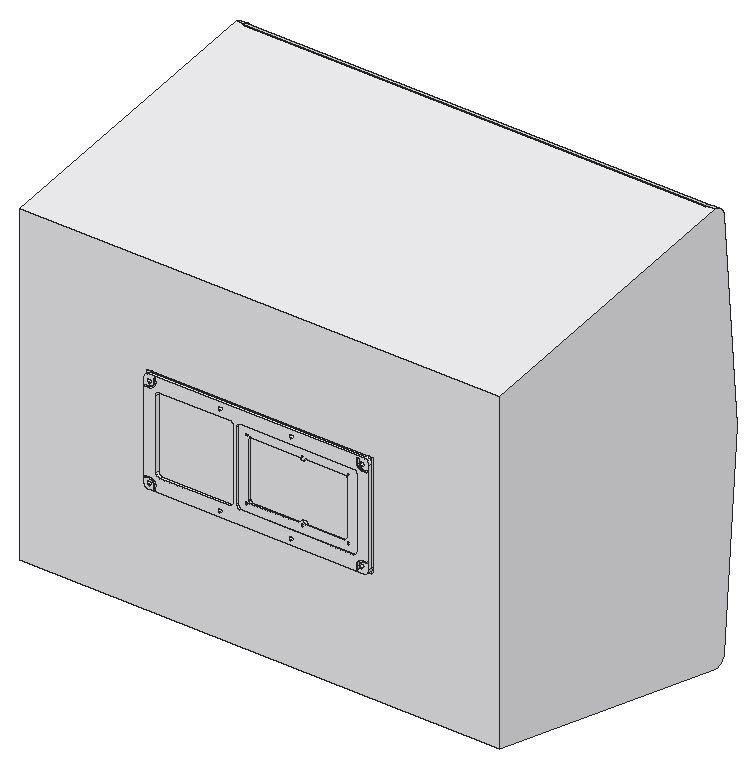
Revit family "EVA-2082S ", category Communication Devices, Revit 2017 (continued)
Definition of nested family "InputPanel"
  Lines and regions (mm)
    model lines, not visible
      curve 478: line (55.107, -9.5, 85.998) -> (55.798, -9.5, 85.998)
      curve 479: line (55.801, -9.5, 60.772) -> (55.11, -9.5, 60.772)
      curve 480: line (55.11, -9.5, 60.772) -> (55.11, -9.5, 61.06)
      curve 481: line (55.11, -9.5, 61.06) -> (52.992, -9.5, 61.06)
      curve 482: line (52.992, -9.5, 61.06) -> (52.992, -9.5, 60.772)
      curve 483: line (52.992, -9.5, 60.772) -> (55.11, -9.5, 60.772)
      curve 484: line (54.504, -9.5, 76.743) -> (56.298, -9.5, 74.554)
      curve 485: line (56.298, -9.5, 74.554) -> (55.807, -9.5, 74.222)
      curve 486: line (54.503, -9.5, 83.049) -> (56.297, -9.5, 80.86)
      curve 487: line (56.297, -9.5, 80.86) -> (55.806, -9.5, 80.528)
      curve 488: line (54.531, -9.5, 76.998) -> (56.131, -9.5, 75.046)
      curve 489: line (56.131, -9.5, 75.046) -> (56.7, -9.5, 75.046)
      curve 490: line (56.7, -9.5, 75.046) -> (54.662, -9.5, 77.533)
      curve 491: line (54.531, -9.5, 83.304) -> (56.13, -9.5, 81.352)
      curve 492: line (56.13, -9.5, 81.352) -> (56.699, -9.5, 81.352)
      curve 493: line (56.699, -9.5, 81.352) -> (54.661, -9.5, 83.839)
      curve 494: line (54.505, -9.5, 70.437) -> (56.298, -9.5, 68.248)
      curve 495: line (56.298, -9.5, 68.248) -> (55.807, -9.5, 67.915)
      curve 496: line (54.506, -9.5, 64.13) -> (56.299, -9.5, 61.942)
      curve 497: line (56.299, -9.5, 61.942) -> (55.808, -9.5, 61.609)
      curve 498: line (54.533, -9.5, 64.385) -> (56.132, -9.5, 62.433)
      curve 499: line (56.132, -9.5, 62.433) -> (56.702, -9.5, 62.433)
      curve 500: line (56.702, -9.5, 62.433) -> (54.664, -9.5, 64.92)
      curve 501: line (54.532, -9.5, 70.691) -> (56.131, -9.5, 68.739)
      curve 502: line (56.131, -9.5, 68.739) -> (56.701, -9.5, 68.739)
      curve 503: line (56.701, -9.5, 68.739) -> (54.663, -9.5, 71.227)
      curve 504: line (51.568, -9.5, 63.815) -> (51.568, -9.5, 60.772)
      curve 505: line (51.568, -9.5, 60.772) -> (46.145, -9.5, 60.771)
      curve 506: line (46.145, -9.5, 60.771) -> (46.141, -9.5, 85.996)
      curve 507: line (46.141, -9.5, 85.996) -> (51.565, -9.5, 85.997)
      curve 508: line (51.565, -9.5, 85.997) -> (52.989, -9.5, 85.997)
      curve 509: line (52.989, -9.5, 85.997) -> (49.876, -9.5, 86.125)
      curve 510: line (49.876, -9.5, 86.125) -> (49.754, -9.5, 86.302)
      curve 511: line (52.992, -9.5, 60.772) -> (51.568, -9.5, 60.772)
      curve 512: line (45.361, -9.5, 79.392) -> (45.362, -9.5, 73.88)
      curve 513: line (45.362, -9.5, 73.88) -> (41.147, -9.5, 73.88)
      curve 514: line (41.147, -9.5, 73.88) -> (41.146, -9.5, 79.392)
      curve 515: line (41.146, -9.5, 79.392) -> (45.361, -9.5, 79.392)
      curve 516: line (41.146, -9.5, 79.988) -> (41.145, -9.5, 85.499)
      curve 517: line (41.145, -9.5, 85.499) -> (45.36, -9.5, 85.5)
      curve 518: line (45.36, -9.5, 85.5) -> (45.361, -9.5, 79.988)
      curve 519: line (45.361, -9.5, 79.988) -> (41.146, -9.5, 79.988)
      curve 520: line (45.819, -9.5, 60.771) -> (45.816, -9.5, 85.996)
      curve 521: line (45.816, -9.5, 85.996) -> (40.689, -9.5, 85.996)
      curve 522: line (40.689, -9.5, 85.996) -> (40.692, -9.5, 60.771)
      curve 523: line (40.692, -9.5, 60.771) -> (45.819, -9.5, 60.771)
      curve 524: line (45.819, -9.5, 60.771) -> (46.145, -9.5, 60.771)
      curve 525: line (45.363, -9.5, 66.78) -> (45.363, -9.5, 61.268)
      curve 526: line (45.363, -9.5, 61.268) -> (41.148, -9.5, 61.267)
      curve 527: line (41.148, -9.5, 61.267) -> (41.147, -9.5, 66.779)
      curve 528: line (41.147, -9.5, 66.779) -> (45.363, -9.5, 66.78)
      curve 529: line (41.147, -9.5, 67.375) -> (41.147, -9.5, 72.887)
      curve 530: line (41.147, -9.5, 72.887) -> (45.362, -9.5, 72.887)
      curve 531: line (45.362, -9.5, 72.887) -> (45.363, -9.5, 67.375)
      curve 532: line (45.363, -9.5, 67.375) -> (41.147, -9.5, 67.375)
      curve 533: line (45.816, -9.5, 85.996) -> (46.141, -9.5, 85.996)
      curve 534: line (46.141, -9.5, 85.996) -> (42.88, -9.5, 86.124)
      curve 535: line (42.88, -9.5, 86.124) -> (42.758, -9.5, 86.301)
      curve 536: line (42.758, -9.5, 86.301) -> (45.891, -9.5, 86.301)
      curve 537: line (45.891, -9.5, 86.301) -> (46.013, -9.5, 86.124)
      curve 538: line (45.361, -9.5, 78.225) -> (43.953, -9.5, 78.225)
      curve 539: line (43.953, -9.5, 78.225) -> (43.627, -9.5, 78.913)
      curve 540: line (43.627, -9.5, 78.913) -> (43.242, -9.5, 79.392)
      curve 541: line (45.363, -9.5, 65.613) -> (43.954, -9.5, 65.612)
      curve 542: line (43.954, -9.5, 65.612) -> (43.629, -9.5, 66.3)
      curve 543: line (43.629, -9.5, 66.3) -> (43.244, -9.5, 66.779)
      curve 544: line (45.362, -9.5, 68.542) -> (43.954, -9.5, 68.542)
      curve 545: line (43.954, -9.5, 68.542) -> (43.629, -9.5, 67.854)
      curve 546: line (43.629, -9.5, 67.854) -> (43.244, -9.5, 67.375)
      curve 547: line (45.361, -9.5, 81.155) -> (43.952, -9.5, 81.155)
      curve 548: line (43.952, -9.5, 81.155) -> (43.627, -9.5, 80.467)
      curve 549: line (43.627, -9.5, 80.467) -> (43.242, -9.5, 79.988)
      curve 550: line (45.362, -9.5, 71.919) -> (43.954, -9.5, 71.919)
      curve 551: line (43.954, -9.5, 71.919) -> (43.628, -9.5, 72.607)
      curve 552: line (43.628, -9.5, 72.607) -> (43.403, -9.5, 72.887)
      curve 553: line (45.361, -9.5, 84.532) -> (43.952, -9.5, 84.531)
      curve 554: line (43.952, -9.5, 84.531) -> (43.627, -9.5, 85.219)
      curve 555: line (43.627, -9.5, 85.219) -> (43.401, -9.5, 85.5)
      curve 556: line (45.362, -9.5, 74.849) -> (43.953, -9.5, 74.848)
      curve 557: line (43.953, -9.5, 74.848) -> (43.628, -9.5, 74.16)
      curve 558: line (43.403, -9.5, 73.88) -> (43.628, -9.5, 74.16)
      curve 559: line (43.628, -9.5, 74.16) -> (43.627, -9.5, 78.913)
      curve 560: line (45.363, -9.5, 62.236) -> (43.955, -9.5, 62.236)
      curve 561: line (43.955, -9.5, 62.236) -> (43.629, -9.5, 61.548)
      curve 562: line (43.629, -9.5, 61.548) -> (43.629, -9.5, 66.3)
      curve 563: line (43.404, -9.5, 61.267) -> (43.629, -9.5, 61.548)
      curve 564: line (43.954, -9.5, 68.542) -> (43.954, -9.5, 71.919)
      curve 565: line (43.952, -9.5, 81.155) -> (43.952, -9.5, 84.531)
      curve 566: line (43.954, -9.5, 65.612) -> (43.955, -9.5, 62.236)
      curve 567: line (43.953, -9.5, 78.225) -> (43.953, -9.5, 74.848)
      curve 568: line (45.891, -9.5, 86.301) -> (45.891, -9.5, 86.563)
      curve 569: line (45.891, -9.5, 86.563) -> (42.758, -9.5, 86.562)
      curve 570: line (42.758, -9.5, 86.562) -> (42.758, -9.5, 86.301)
      curve 571: line (45.891, -9.5, 86.563) -> (46.472, -9.5, 86.563)
      curve 572: line (46.472, -9.5, 86.563) -> (46.472, -9.5, 86.301)
      curve 573: line (46.472, -9.5, 86.301) -> (46.35, -9.5, 86.124)
      curve 574: line (42.244, -9.5, 79.988) -> (42.243, -9.5, 85.499)
      curve 575: line (42.246, -9.5, 67.375) -> (42.245, -9.5, 72.887)
      curve 576: line (42.246, -9.5, 61.267) -> (42.246, -9.5, 66.779)
      curve 577: line (42.245, -9.5, 73.88) -> (42.244, -9.5, 79.392)
      curve 578: line (43.629, -9.5, 67.854) -> (43.628, -9.5, 72.607)
      curve 579: line (43.627, -9.5, 80.467) -> (43.627, -9.5, 85.219)
      curve 580: line (52.887, -9.5, 86.302) -> (53.009, -9.5, 86.125)
      curve 581: line (52.887, -9.5, 86.563) -> (52.887, -9.5, 86.302)
      curve 582: line (52.887, -9.5, 86.302) -> (49.754, -9.5, 86.302)
      curve 583: line (49.754, -9.5, 86.302) -> (49.754, -9.5, 86.563)
      curve 584: line (49.754, -9.5, 86.563) -> (52.887, -9.5, 86.563)
      curve 585: line (52.887, -9.5, 86.563) -> (53.468, -9.5, 86.563)
      curve 586: line (53.468, -9.5, 86.563) -> (53.468, -9.5, 86.302)
      curve 587: line (53.468, -9.5, 86.302) -> (53.346, -9.5, 86.125)
      curve 588: line (78.97, -9.5, 60.972) -> (78.967, -9.5, 85.803)
      curve 589: line (78.912, -9.5, 85.748) -> (78.915, -9.5, 61.027)
      curve 590: line (77.958, -9.5, 86.812) -> (40.515, -9.5, 86.808)
      curve 591: line (40.57, -9.5, 86.753) -> (77.903, -9.5, 86.757)
      curve 592: line (39.506, -9.5, 85.799) -> (39.509, -9.5, 60.968)
      curve 593: line (39.509, -9.5, 60.97) -> (39.561, -9.5, 85.744)
      curve 594: line (40.518, -9.5, 59.959) -> (77.962, -9.5, 59.963)
      curve 595: line (77.907, -9.5, 60.018) -> (40.573, -9.5, 60.014)
      curve 596: line (61.368, -9.5, 70.233) -> (59.749, -9.5, 70.232)
      curve 597: line (59.749, -9.5, 70.232) -> (59.415, -9.5, 70.232)
      curve 598: line (61.369, -9.5, 63.926) -> (59.75, -9.5, 63.926)
      curve 599: line (59.75, -9.5, 63.926) -> (59.417, -9.5, 63.926)
      curve 600: line (61.367, -9.5, 76.539) -> (59.748, -9.5, 76.539)
      curve 601: line (59.748, -9.5, 76.539) -> (59.415, -9.5, 76.539)
      curve 602: line (61.367, -9.5, 82.845) -> (59.747, -9.5, 82.845)
      curve 603: line (59.747, -9.5, 82.845) -> (59.414, -9.5, 82.845)
      curve 604: line (57.109, -9.5, 76.538) -> (58.728, -9.5, 76.539)
      curve 605: line (58.728, -9.5, 76.539) -> (59.062, -9.5, 76.539)
      curve 606: line (57.108, -9.5, 82.845) -> (58.727, -9.5, 82.845)
      curve 607: line (58.727, -9.5, 82.845) -> (59.06, -9.5, 82.845)
      curve 608: line (57.109, -9.5, 70.232) -> (58.729, -9.5, 70.232)
      curve 609: line (58.729, -9.5, 70.232) -> (59.062, -9.5, 70.232)
      curve 610: line (57.11, -9.5, 63.926) -> (58.729, -9.5, 63.926)
      curve 611: line (58.729, -9.5, 63.926) -> (59.063, -9.5, 63.926)
    model lines
      curve 612: arc (54.415, -2.027, 70.232) -> (54.756, -2.027, 68.636) -> (55.858, -2.027, 67.432) r 3.109
      curve 613: arc (54.414, -2.027, 82.845) -> (54.754, -2.027, 81.249) -> (55.857, -2.027, 80.045) r 3.109
      curve 614: arc (54.417, -2.027, 63.926) -> (54.752, -2.027, 62.34) -> (55.84, -2.027, 61.139) r 3.108
      curve 615: arc (54.415, -2.027, 76.539) -> (54.75, -2.027, 74.953) -> (55.838, -2.027, 73.752) r 3.108
      curve 616: arc (55.711, -2.027, 72.945) -> (54.72, -2.027, 71.753) -> (54.414, -2.027, 70.232) r 3.166
      curve 617: arc (55.71, -2.027, 85.557) -> (54.718, -2.027, 84.365) -> (54.412, -2.027, 82.845) r 3.166
      curve 618: arc (55.712, -2.027, 66.637) -> (54.721, -2.027, 65.445) -> (54.415, -2.027, 63.926) r 3.165
      curve 619: arc (55.71, -2.027, 79.25) -> (54.72, -2.027, 78.058) -> (54.414, -2.027, 76.539) r 3.165
      curve 620: arc (54.062, -2.027, 76.539) -> (53.721, -2.027, 78.135) -> (52.618, -2.027, 79.339) r 3.109
      curve 621: arc (54.063, -2.027, 63.926) -> (53.723, -2.027, 65.522) -> (52.62, -2.027, 66.726) r 3.109
      curve 622: arc (54.06, -2.027, 82.845) -> (53.725, -2.027, 84.431) -> (52.637, -2.027, 85.632) r 3.108
      curve 623: arc (54.062, -2.027, 70.232) -> (53.726, -2.027, 71.818) -> (52.638, -2.027, 73.019) r 3.108
      curve 624: arc (52.765, -2.027, 73.826) -> (53.757, -2.027, 75.018) -> (54.063, -2.027, 76.539) r 3.166
      curve 625: arc (52.767, -2.027, 61.214) -> (53.758, -2.027, 62.406) -> (54.065, -2.027, 63.926) r 3.166
      curve 626: arc (52.765, -2.027, 80.134) -> (53.756, -2.027, 81.326) -> (54.062, -2.027, 82.845) r 3.165
      curve 627: arc (52.767, -2.027, 67.521) -> (53.757, -2.027, 68.713) -> (54.063, -2.027, 70.232) r 3.165
      curve 628: arc (57.678, -2.027, 67.687) -> (58.752, -2.027, 68.757) -> (59.103, -2.027, 70.233) r 2.775
      curve 629: arc (58.369, -2.027, 67.367) -> (59.444, -2.027, 68.62) -> (59.794, -2.027, 70.233) r 3.371
      curve 630: arc (57.678, -2.027, 67.687) -> (57.999, -2.027, 67.474) -> (58.369, -2.027, 67.367) r 1.273
      curve 631: arc (57.676, -2.027, 80.299) -> (58.75, -2.027, 81.37) -> (59.101, -2.027, 82.846) r 2.775
      curve 632: arc (58.368, -2.027, 79.98) -> (59.442, -2.027, 81.233) -> (59.793, -2.027, 82.846) r 3.371
      curve 633: arc (57.676, -2.027, 80.299) -> (57.998, -2.027, 80.087) -> (58.368, -2.027, 79.98) r 1.273
      curve 634: arc (57.679, -2.027, 61.381) -> (58.752, -2.027, 62.452) -> (59.103, -2.027, 63.927) r 2.774
      curve 635: arc (58.37, -2.027, 61.062) -> (59.444, -2.027, 62.315) -> (59.794, -2.027, 63.927) r 3.37
      curve 636: arc (57.679, -2.027, 61.381) -> (58, -2.027, 61.169) -> (58.37, -2.027, 61.062) r 1.273
      curve 637: arc (57.677, -2.027, 73.994) -> (58.751, -2.027, 75.064) -> (59.101, -2.027, 76.539) r 2.774
      curve 638: arc (58.369, -2.027, 73.675) -> (59.442, -2.027, 74.927) -> (59.793, -2.027, 76.539) r 3.37
      curve 639: arc (57.677, -2.027, 73.994) -> (57.998, -2.027, 73.781) -> (58.369, -2.027, 73.675) r 1.273
      curve 640: arc (59.103, -2.027, 70.233) -> (58.752, -2.027, 71.708) -> (57.677, -2.027, 72.779) r 2.775
      curve 641: arc (58.369, -2.027, 73.098) -> (57.999, -2.027, 72.992) -> (57.677, -2.027, 72.779) r 1.273
      curve 642: arc (59.794, -2.027, 70.233) -> (59.443, -2.027, 71.846) -> (58.369, -2.027, 73.098) r 3.371
      curve 643: arc (59.101, -2.027, 82.846) -> (58.75, -2.027, 84.321) -> (57.676, -2.027, 85.392) r 2.775
      curve 644: arc (58.367, -2.027, 85.711) -> (57.997, -2.027, 85.604) -> (57.676, -2.027, 85.392) r 1.273
      curve 645: arc (59.793, -2.027, 82.846) -> (59.442, -2.027, 84.458) -> (58.367, -2.027, 85.711) r 3.371
      curve 646: arc (59.103, -2.027, 63.927) -> (58.752, -2.027, 65.401) -> (57.678, -2.027, 66.472) r 2.774
      curve 647: arc (58.37, -2.027, 66.791) -> (57.999, -2.027, 66.684) -> (57.678, -2.027, 66.472) r 1.273
      curve 648: arc (59.794, -2.027, 63.927) -> (59.444, -2.027, 65.539) -> (58.37, -2.027, 66.791) r 3.37
      curve 649: arc (59.101, -2.027, 76.539) -> (58.75, -2.027, 78.014) -> (57.676, -2.027, 79.084) r 2.774
      curve 650: arc (58.368, -2.027, 79.404) -> (57.998, -2.027, 79.297) -> (57.676, -2.027, 79.084) r 1.273
      curve 651: arc (59.793, -2.027, 76.539) -> (59.442, -2.027, 78.151) -> (58.368, -2.027, 79.404) r 3.37
      curve 652: arc (54.627, -2.027, 63.926) -> (54.978, -2.027, 62.451) -> (56.052, -2.027, 61.381) r 2.774
      curve 653: arc (56.051, -2.027, 66.471) -> (54.977, -2.027, 65.401) -> (54.627, -2.027, 63.926) r 2.774
      curve 654: arc (54.625, -2.027, 70.232) -> (54.976, -2.027, 68.757) -> (56.051, -2.027, 67.686) r 2.775
      curve 655: arc (56.05, -2.027, 72.779) -> (54.976, -2.027, 71.708) -> (54.625, -2.027, 70.232) r 2.775
      curve 656: arc (54.625, -2.027, 76.539) -> (54.976, -2.027, 75.064) -> (56.05, -2.027, 73.994) r 2.774
      curve 657: arc (56.049, -2.027, 79.084) -> (54.976, -2.027, 78.014) -> (54.625, -2.027, 76.539) r 2.774
      curve 658: arc (54.624, -2.027, 82.845) -> (54.975, -2.027, 81.37) -> (56.049, -2.027, 80.299) r 2.775
      curve 659: arc (56.049, -2.027, 85.391) -> (54.975, -2.027, 84.321) -> (54.624, -2.027, 82.845) r 2.775
      curve 660: arc (60.487, -2.027, 67.368) -> (61.537, -2.027, 68.57) -> (61.91, -2.027, 70.123) r 3.348
      curve 661: arc (60.485, -2.027, 79.98) -> (61.535, -2.027, 81.183) -> (61.909, -2.027, 82.735) r 3.348
      curve 662: arc (61.91, -2.027, 70.344) -> (61.536, -2.027, 71.896) -> (60.486, -2.027, 73.099) r 3.348
      curve 663: arc (61.909, -2.027, 82.956) -> (61.535, -2.027, 84.509) -> (60.485, -2.027, 85.711) r 3.348
      curve 664: arc (60.488, -2.027, 61.062) -> (61.543, -2.027, 62.278) -> (61.911, -2.027, 63.846) r 3.353
      curve 665: arc (60.486, -2.027, 73.675) -> (61.542, -2.027, 74.891) -> (61.909, -2.027, 76.458) r 3.353
      curve 666: arc (61.911, -2.027, 64.008) -> (61.543, -2.027, 65.576) -> (60.487, -2.027, 66.791) r 3.353
      curve 667: arc (61.909, -2.027, 76.621) -> (61.542, -2.027, 78.189) -> (60.485, -2.027, 79.404) r 3.353
      curve 668: arc (56.368, -2.027, 70.233) -> (56.701, -2.027, 68.86) -> (57.728, -2.027, 67.892) r 2.482
      curve 669: arc (56.369, -2.027, 63.926) -> (56.702, -2.027, 62.554) -> (57.729, -2.027, 61.585) r 2.482
      curve 670: arc (56.777, -2.027, 65.419) -> (56.47, -2.027, 64.701) -> (56.369, -2.027, 63.926) r 2.857
      curve 671: arc (57.453, -2.027, 65.577) -> (57.398, -2.027, 65.499) -> (57.347, -2.027, 65.419) r 2.446
      curve 672: arc (56.777, -2.027, 71.725) -> (56.469, -2.027, 71.007) -> (56.368, -2.027, 70.233) r 2.857
      curve 673: arc (57.452, -2.027, 71.883) -> (57.398, -2.027, 71.805) -> (57.346, -2.027, 71.725) r 2.446
      curve 674: arc (56.367, -2.027, 76.539) -> (56.7, -2.027, 75.167) -> (57.727, -2.027, 74.198) r 2.482
      curve 675: arc (56.367, -2.027, 82.845) -> (56.699, -2.027, 81.473) -> (57.727, -2.027, 80.504) r 2.482
      curve 676: arc (56.776, -2.027, 78.031) -> (56.469, -2.027, 77.313) -> (56.367, -2.027, 76.539) r 2.857
      curve 677: arc (57.452, -2.027, 78.19) -> (57.397, -2.027, 78.112) -> (57.345, -2.027, 78.032) r 2.446
      curve 678: arc (56.775, -2.027, 84.338) -> (56.468, -2.027, 83.62) -> (56.367, -2.027, 82.845) r 2.857
      curve 679: arc (57.451, -2.027, 84.496) -> (57.396, -2.027, 84.418) -> (57.345, -2.027, 84.338) r 2.446
      curve 680: arc (50.799, -2.027, 79.084) -> (49.725, -2.027, 78.014) -> (49.374, -2.027, 76.538) r 2.775
      curve 681: arc (50.107, -2.027, 79.404) -> (49.033, -2.027, 78.151) -> (48.682, -2.027, 76.538) r 3.371
      curve 682: arc (50.799, -2.027, 79.084) -> (50.478, -2.027, 79.297) -> (50.107, -2.027, 79.404) r 1.273
      curve 683: arc (50.8, -2.027, 66.472) -> (49.726, -2.027, 65.401) -> (49.376, -2.027, 63.925) r 2.775
      curve 684: arc (50.109, -2.027, 66.791) -> (49.035, -2.027, 65.538) -> (48.684, -2.027, 63.925) r 3.371
      curve 685: arc (50.8, -2.027, 66.472) -> (50.479, -2.027, 66.684) -> (50.109, -2.027, 66.791) r 1.273
      curve 686: arc (50.798, -2.027, 85.39) -> (49.725, -2.027, 84.319) -> (49.374, -2.027, 82.844) r 2.774
      curve 687: arc (50.107, -2.027, 85.709) -> (49.033, -2.027, 84.456) -> (48.682, -2.027, 82.844) r 3.37
      curve 688: arc (50.798, -2.027, 85.39) -> (50.477, -2.027, 85.602) -> (50.107, -2.027, 85.709) r 1.273
      curve 689: arc (50.8, -2.027, 72.777) -> (49.726, -2.027, 71.707) -> (49.376, -2.027, 70.232) r 2.774
      curve 690: arc (50.108, -2.027, 73.096) -> (49.034, -2.027, 71.844) -> (48.684, -2.027, 70.232) r 3.37
      curve 691: arc (50.8, -2.027, 72.777) -> (50.478, -2.027, 72.99) -> (50.108, -2.027, 73.096) r 1.273
      curve 692: arc (49.374, -2.027, 76.538) -> (49.725, -2.027, 75.063) -> (50.8, -2.027, 73.992) r 2.775
      curve 693: arc (50.108, -2.027, 73.673) -> (50.478, -2.027, 73.779) -> (50.8, -2.027, 73.992) r 1.273
      curve 694: arc (48.682, -2.027, 76.538) -> (49.033, -2.027, 74.925) -> (50.108, -2.027, 73.673) r 3.371
      curve 695: arc (49.376, -2.027, 63.925) -> (49.727, -2.027, 62.45) -> (50.801, -2.027, 61.379) r 2.775
      curve 696: arc (50.11, -2.027, 61.06) -> (50.48, -2.027, 61.167) -> (50.801, -2.027, 61.379) r 1.273
      curve 697: arc (48.684, -2.027, 63.925) -> (49.035, -2.027, 62.313) -> (50.11, -2.027, 61.06) r 3.371
      curve 698: arc (49.374, -2.027, 82.844) -> (49.725, -2.027, 81.369) -> (50.799, -2.027, 80.299) r 2.774
      curve 699: arc (50.107, -2.027, 79.98) -> (50.477, -2.027, 80.087) -> (50.799, -2.027, 80.299) r 1.273
      curve 700: arc (48.682, -2.027, 82.844) -> (49.033, -2.027, 81.232) -> (50.107, -2.027, 79.98) r 3.37
      curve 701: arc (49.376, -2.027, 70.232) -> (49.726, -2.027, 68.757) -> (50.8, -2.027, 67.687) r 2.774
      curve 702: arc (50.109, -2.027, 67.367) -> (50.479, -2.027, 67.474) -> (50.8, -2.027, 67.687) r 1.273
      curve 703: arc (48.684, -2.027, 70.232) -> (49.035, -2.027, 68.62) -> (50.109, -2.027, 67.367) r 3.37
      curve 704: arc (53.85, -2.027, 82.845) -> (53.499, -2.027, 84.32) -> (52.425, -2.027, 85.39) r 2.774
      curve 705: arc (52.426, -2.027, 80.3) -> (53.499, -2.027, 81.37) -> (53.85, -2.027, 82.845) r 2.774
      curve 706: arc (53.851, -2.027, 76.539) -> (53.5, -2.027, 78.014) -> (52.426, -2.027, 79.085) r 2.775
      curve 707: arc (52.427, -2.027, 73.992) -> (53.501, -2.027, 75.063) -> (53.851, -2.027, 76.539) r 2.775
      curve 708: arc (53.852, -2.027, 70.232) -> (53.501, -2.027, 71.707) -> (52.427, -2.027, 72.777) r 2.774
      curve 709: arc (52.427, -2.027, 67.687) -> (53.501, -2.027, 68.757) -> (53.852, -2.027, 70.232) r 2.774
      curve 710: arc (53.853, -2.027, 63.926) -> (53.502, -2.027, 65.401) -> (52.428, -2.027, 66.472) r 2.775
      curve 711: arc (52.428, -2.027, 61.38) -> (53.502, -2.027, 62.45) -> (53.853, -2.027, 63.926) r 2.775
      curve 712: arc (47.99, -2.027, 79.403) -> (46.94, -2.027, 78.2) -> (46.567, -2.027, 76.648) r 3.348
      curve 713: arc (47.991, -2.027, 66.791) -> (46.942, -2.027, 65.588) -> (46.568, -2.027, 64.036) r 3.348
      curve 714: arc (46.567, -2.027, 76.427) -> (46.94, -2.027, 74.875) -> (47.991, -2.027, 73.672) r 3.348
      curve 715: arc (46.568, -2.027, 63.815) -> (46.942, -2.027, 62.262) -> (47.992, -2.027, 61.06) r 3.348
      curve 716: arc (47.989, -2.027, 85.709) -> (46.933, -2.027, 84.493) -> (46.566, -2.027, 82.925) r 3.353
      curve 717: arc (47.991, -2.027, 73.096) -> (46.935, -2.027, 71.88) -> (46.567, -2.027, 70.313) r 3.353
      curve 718: arc (46.566, -2.027, 82.763) -> (46.934, -2.027, 81.195) -> (47.99, -2.027, 79.98) r 3.353
      curve 719: arc (46.567, -2.027, 70.15) -> (46.935, -2.027, 68.582) -> (47.991, -2.027, 67.367) r 3.353
      curve 720: arc (52.108, -2.027, 82.845) -> (51.775, -2.027, 84.217) -> (50.748, -2.027, 85.186) r 2.482
      curve 721: arc (52.109, -2.027, 76.538) -> (51.776, -2.027, 77.911) -> (50.749, -2.027, 78.879) r 2.482
      curve 722: arc (51.7, -2.027, 75.046) -> (52.007, -2.027, 75.764) -> (52.109, -2.027, 76.538) r 2.857
      curve 723: arc (51.024, -2.027, 74.888) -> (51.079, -2.027, 74.966) -> (51.131, -2.027, 75.046) r 2.446
      curve 724: arc (51.699, -2.027, 81.352) -> (52.007, -2.027, 82.07) -> (52.108, -2.027, 82.845) r 2.857
      curve 725: arc (51.024, -2.027, 81.194) -> (51.078, -2.027, 81.272) -> (51.13, -2.027, 81.352) r 2.446
      curve 726: arc (52.109, -2.027, 70.232) -> (51.777, -2.027, 71.604) -> (50.749, -2.027, 72.573) r 2.482
      curve 727: arc (52.11, -2.027, 63.926) -> (51.777, -2.027, 65.298) -> (50.75, -2.027, 66.267) r 2.482
      curve 728: arc (51.702, -2.027, 62.433) -> (52.009, -2.027, 63.151) -> (52.11, -2.027, 63.926) r 2.857
      curve 729: arc (51.026, -2.027, 62.275) -> (51.081, -2.027, 62.353) -> (51.132, -2.027, 62.433) r 2.446
      curve 730: arc (51.701, -2.027, 68.739) -> (52.008, -2.027, 69.458) -> (52.109, -2.027, 70.232) r 2.857
      curve 731: arc (51.025, -2.027, 68.581) -> (51.08, -2.027, 68.659) -> (51.131, -2.027, 68.739) r 2.446
      curve 732: spline (72.962, -2.027, 59.963) -> (73.093, -2.027, 59.972) -> (73.223, -2.027, 59.998) -> (73.348, -2.027, 60.04) -> (73.466, -2.027, 60.099) -> (73.576, -2.027, 60.172) -> (73.675, -2.027, 60.259) -> (73.762, -2.027, 60.358) -> (73.835, -2.027, 60.468) -> (73.894, -2.027, 60.586) -> (73.936, -2.027, 60.711) -> (73.962, -2.027, 60.841) -> (73.97, -2.027, 60.972)
      curve 733: spline (73.967, -2.027, 85.803) -> (73.959, -2.027, 85.935) -> (73.933, -2.027, 86.065) -> (73.891, -2.027, 86.19) -> (73.832, -2.027, 86.308) -> (73.759, -2.027, 86.418) -> (73.672, -2.027, 86.517) -> (73.573, -2.027, 86.604) -> (73.463, -2.027, 86.677) -> (73.344, -2.027, 86.735) -> (73.22, -2.027, 86.778) -> (73.09, -2.027, 86.804) -> (72.958, -2.027, 86.812)
      curve 734: spline (35.515, -2.027, 86.808) -> (35.383, -2.027, 86.799) -> (35.254, -2.027, 86.773) -> (35.129, -2.027, 86.731) -> (35.01, -2.027, 86.672) -> (34.901, -2.027, 86.599) -> (34.801, -2.027, 86.512) -> (34.714, -2.027, 86.413) -> (34.641, -2.027, 86.303) -> (34.583, -2.027, 86.185) -> (34.54, -2.027, 86.06) -> (34.515, -2.027, 85.93) -> (34.506, -2.027, 85.799)
      curve 735: spline (34.509, -2.027, 60.97) -> (34.517, -2.027, 60.838) -> (34.543, -2.027, 60.708) -> (34.585, -2.027, 60.583) -> (34.643, -2.027, 60.464) -> (34.717, -2.027, 60.354) -> (34.804, -2.027, 60.255) -> (34.903, -2.027, 60.168) -> (35.013, -2.027, 60.094) -> (35.131, -2.027, 60.036) -> (35.256, -2.027, 59.993) -> (35.386, -2.027, 59.967) -> (35.518, -2.027, 59.959)
      curve 736: spline (35.57, -2.027, 86.753) -> (35.438, -2.027, 86.744) -> (35.309, -2.027, 86.718) -> (35.184, -2.027, 86.676) -> (35.065, -2.027, 86.617) -> (34.956, -2.027, 86.544) -> (34.856, -2.027, 86.457) -> (34.769, -2.027, 86.358) -> (34.696, -2.027, 86.248) -> (34.638, -2.027, 86.13) -> (34.595, -2.027, 86.005) -> (34.57, -2.027, 85.875) -> (34.561, -2.027, 85.744)
      curve 737: spline (34.564, -2.027, 61.023) -> (34.573, -2.027, 60.891) -> (34.598, -2.027, 60.761) -> (34.641, -2.027, 60.636) -> (34.699, -2.027, 60.518) -> (34.773, -2.027, 60.408) -> (34.86, -2.027, 60.309) -> (34.959, -2.027, 60.222) -> (35.069, -2.027, 60.149) -> (35.187, -2.027, 60.091) -> (35.312, -2.027, 60.048) -> (35.441, -2.027, 60.022) -> (35.573, -2.027, 60.014)
      curve 738: spline (73.912, -2.027, 85.748) -> (73.904, -2.027, 85.88) -> (73.878, -2.027, 86.01) -> (73.835, -2.027, 86.134) -> (73.777, -2.027, 86.253) -> (73.704, -2.027, 86.363) -> (73.617, -2.027, 86.462) -> (73.518, -2.027, 86.549) -> (73.408, -2.027, 86.622) -> (73.289, -2.027, 86.68) -> (73.164, -2.027, 86.723) -> (73.035, -2.027, 86.749) -> (72.903, -2.027, 86.757)
      curve 739: spline (72.907, -2.027, 60.018) -> (73.038, -2.027, 60.027) -> (73.168, -2.027, 60.053) -> (73.293, -2.027, 60.095) -> (73.411, -2.027, 60.154) -> (73.521, -2.027, 60.227) -> (73.62, -2.027, 60.314) -> (73.707, -2.027, 60.413) -> (73.78, -2.027, 60.523) -> (73.839, -2.027, 60.641) -> (73.881, -2.027, 60.766) -> (73.907, -2.027, 60.896) -> (73.915, -2.027, 61.027)
      curve 740: line (58.979, -2.027, 70.233) -> (58.818, -2.027, 71.221)
      curve 741: line (58.818, -2.027, 71.221) -> (58.359, -2.027, 72.059)
      curve 742: line (58.359, -2.027, 72.059) -> (57.673, -2.027, 72.618)
      curve 743: line (57.673, -2.027, 72.618) -> (56.864, -2.027, 72.815)
      curve 744: line (56.864, -2.027, 72.815) -> (56.054, -2.027, 72.618)
      curve 745: line (56.054, -2.027, 72.618) -> (55.368, -2.027, 72.058)
      curve 746: line (55.368, -2.027, 72.058) -> (54.91, -2.027, 71.221)
      curve 747: line (54.91, -2.027, 71.221) -> (54.749, -2.027, 70.232)
      curve 748: line (54.749, -2.027, 70.232) -> (54.91, -2.027, 69.244)
      curve 749: line (54.91, -2.027, 69.244) -> (55.369, -2.027, 68.407)
      curve 750: line (55.369, -2.027, 68.407) -> (56.055, -2.027, 67.847)
      curve 751: line (56.055, -2.027, 67.847) -> (56.864, -2.027, 67.651)
      curve 752: line (56.864, -2.027, 67.651) -> (57.674, -2.027, 67.847)
      curve 753: line (57.674, -2.027, 67.847) -> (58.36, -2.027, 68.407)
      curve 754: line (58.36, -2.027, 68.407) -> (58.815, -2.027, 69.238)
      curve 755: line (58.818, -2.027, 69.245) -> (59.103, -2.027, 70.233)
      curve 756: line (59.103, -2.027, 70.233) -> (59.794, -2.027, 70.233)
      curve 757: line (59.794, -2.027, 70.233) -> (61.912, -2.027, 70.233)
      curve 758: line (61.912, -2.027, 70.233) -> (61.911, -2.027, 64.008)
      curve 759: line (58.978, -2.027, 82.846) -> (58.817, -2.027, 83.834)
      curve 760: line (58.817, -2.027, 83.834) -> (58.358, -2.027, 84.671)
      curve 761: line (58.358, -2.027, 84.671) -> (57.672, -2.027, 85.231)
      curve 762: line (57.672, -2.027, 85.231) -> (56.862, -2.027, 85.427)
      curve 763: line (56.862, -2.027, 85.427) -> (56.053, -2.027, 85.231)
      curve 764: line (56.053, -2.027, 85.231) -> (55.367, -2.027, 84.671)
      curve 765: line (55.367, -2.027, 84.671) -> (54.908, -2.027, 83.833)
      curve 766: line (54.908, -2.027, 83.833) -> (54.747, -2.027, 82.845)
      curve 767: line (54.747, -2.027, 82.845) -> (54.908, -2.027, 81.857)
      curve 768: line (54.908, -2.027, 81.857) -> (55.367, -2.027, 81.019)
      curve 769: line (55.367, -2.027, 81.019) -> (56.053, -2.027, 80.46)
      curve 770: line (56.053, -2.027, 80.46) -> (56.863, -2.027, 80.263)
      curve 771: line (56.863, -2.027, 80.263) -> (57.672, -2.027, 80.46)
      curve 772: line (57.672, -2.027, 80.46) -> (58.358, -2.027, 81.02)
      curve 773: line (58.358, -2.027, 81.02) -> (58.813, -2.027, 81.851)
      curve 774: line (58.817, -2.027, 81.857) -> (59.101, -2.027, 82.846)
      curve 775: line (59.101, -2.027, 82.846) -> (59.793, -2.027, 82.846)
      curve 776: line (59.793, -2.027, 82.846) -> (61.91, -2.027, 82.846)
      curve 777: line (61.91, -2.027, 82.846) -> (61.909, -2.027, 76.621)
      curve 778: line (58.98, -2.027, 63.927) -> (58.819, -2.027, 64.915)
      curve 779: line (58.819, -2.027, 64.915) -> (58.36, -2.027, 65.752)
      curve 780: line (58.36, -2.027, 65.752) -> (57.674, -2.027, 66.312)
      curve 781: line (57.674, -2.027, 66.312) -> (56.864, -2.027, 66.508)
      curve 782: line (56.864, -2.027, 66.508) -> (56.055, -2.027, 66.312)
      curve 783: line (56.055, -2.027, 66.312) -> (55.369, -2.027, 65.752)
      curve 784: line (55.369, -2.027, 65.752) -> (54.911, -2.027, 64.914)
      curve 785: line (54.911, -2.027, 64.914) -> (54.75, -2.027, 63.926)
      curve 786: line (54.75, -2.027, 63.926) -> (54.911, -2.027, 62.938)
      curve 787: line (54.911, -2.027, 62.938) -> (55.369, -2.027, 62.1)
      curve 788: line (55.369, -2.027, 62.1) -> (56.056, -2.027, 61.541)
      curve 789: line (56.056, -2.027, 61.541) -> (56.865, -2.027, 61.344)
      curve 790: line (56.865, -2.027, 61.344) -> (57.675, -2.027, 61.541)
      curve 791: line (57.675, -2.027, 61.541) -> (58.361, -2.027, 62.101)
      curve 792: line (58.361, -2.027, 62.101) -> (58.815, -2.027, 62.932)
      curve 793: line (58.819, -2.027, 62.938) -> (59.103, -2.027, 63.927)
      curve 794: line (59.103, -2.027, 63.927) -> (59.794, -2.027, 63.927)
      curve 795: line (59.794, -2.027, 63.927) -> (61.912, -2.027, 63.927)
      curve 796: line (61.912, -2.027, 63.927) -> (61.911, -2.027, 60.774)
      curve 797: line (61.911, -2.027, 60.774) -> (60.488, -2.027, 60.774)
      curve 798: line (60.488, -2.027, 60.774) -> (63.6, -2.027, 60.646)
      curve 799: line (63.6, -2.027, 60.646) -> (63.722, -2.027, 60.469)
      curve 800: line (63.722, -2.027, 60.469) -> (60.589, -2.027, 60.469)
      curve 801: line (60.589, -2.027, 60.469) -> (60.467, -2.027, 60.646)
      curve 802: line (58.978, -2.027, 76.539) -> (58.817, -2.027, 77.527)
      curve 803: line (58.817, -2.027, 77.527) -> (58.359, -2.027, 78.365)
      curve 804: line (58.359, -2.027, 78.365) -> (57.672, -2.027, 78.925)
      curve 805: line (57.672, -2.027, 78.925) -> (56.863, -2.027, 79.121)
      curve 806: line (56.863, -2.027, 79.121) -> (56.054, -2.027, 78.924)
      curve 807: line (56.054, -2.027, 78.924) -> (55.367, -2.027, 78.365)
      curve 808: line (55.367, -2.027, 78.365) -> (54.909, -2.027, 77.527)
      curve 809: line (54.909, -2.027, 77.527) -> (54.748, -2.027, 76.539)
      curve 810: line (54.748, -2.027, 76.539) -> (54.909, -2.027, 75.551)
      curve 811: line (54.909, -2.027, 75.551) -> (55.368, -2.027, 74.713)
      curve 812: line (55.368, -2.027, 74.713) -> (56.054, -2.027, 74.153)
      curve 813: line (56.054, -2.027, 74.153) -> (56.864, -2.027, 73.957)
      curve 814: line (56.864, -2.027, 73.957) -> (57.673, -2.027, 74.153)
      curve 815: line (57.673, -2.027, 74.153) -> (58.359, -2.027, 74.713)
      curve 816: line (58.359, -2.027, 74.713) -> (58.814, -2.027, 75.544)
      curve 817: line (58.818, -2.027, 75.551) -> (59.101, -2.027, 76.539)
      curve 818: line (59.101, -2.027, 76.539) -> (59.793, -2.027, 76.539)
      curve 819: line (59.793, -2.027, 76.539) -> (61.91, -2.027, 76.54)
      curve 820: line (61.91, -2.027, 76.54) -> (61.91, -2.027, 70.344)
      curve 821: line (56.049, -2.027, 85.998) -> (55.837, -2.027, 85.998)
      curve 822: line (55.837, -2.027, 85.998) -> (55.837, -2.027, 85.655)
      curve 823: line (55.916, -2.027, 85.517) -> (56.049, -2.027, 85.391)
      curve 824: line (56.049, -2.027, 85.391) -> (56.049, -2.027, 85.998)
      curve 825: line (56.049, -2.027, 85.998) -> (57.676, -2.027, 85.999)
      curve 826: line (57.676, -2.027, 85.999) -> (57.676, -2.027, 85.392)
      curve 827: line (57.676, -2.027, 79.084) -> (57.676, -2.027, 80.299)
      curve 828: line (57.677, -2.027, 72.779) -> (57.677, -2.027, 73.994)
      curve 829: line (57.678, -2.027, 66.472) -> (57.678, -2.027, 67.687)
      curve 830: line (56.052, -2.027, 60.773) -> (55.84, -2.027, 60.773)
      curve 831: line (55.84, -2.027, 60.773) -> (55.84, -2.027, 61.139)
      curve 832: line (55.918, -2.027, 61.255) -> (56.052, -2.027, 61.381)
      curve 833: line (56.052, -2.027, 61.381) -> (56.052, -2.027, 60.773)
      curve 834: line (56.052, -2.027, 60.773) -> (57.679, -2.027, 60.773)
      curve 835: line (57.679, -2.027, 60.773) -> (57.679, -2.027, 61.381)
      curve 836: line (55.839, -2.027, 66.735) -> (55.842, -2.027, 67.413)
      curve 837: line (55.918, -2.027, 67.56) -> (56.051, -2.027, 67.686)
      curve 838: line (56.051, -2.027, 67.686) -> (56.051, -2.027, 66.471)
      curve 839: line (56.051, -2.027, 66.471) -> (55.918, -2.027, 66.598)
      curve 840: line (56.05, -2.027, 72.779) -> (56.05, -2.027, 73.994)
      curve 841: line (56.05, -2.027, 73.994) -> (55.917, -2.027, 73.867)
      curve 842: line (55.838, -2.027, 73.752) -> (55.838, -2.027, 73.043)
      curve 843: line (55.917, -2.027, 72.905) -> (56.05, -2.027, 72.779)
      curve 844: line (55.838, -2.027, 79.348) -> (55.841, -2.027, 80.026)
      curve 845: line (55.916, -2.027, 80.173) -> (56.049, -2.027, 80.299)
      curve 846: line (56.049, -2.027, 80.299) -> (56.049, -2.027, 79.084)
      curve 847: line (56.049, -2.027, 79.084) -> (55.916, -2.027, 79.21)
      curve 848: line (60.486, -2.027, 73.675) -> (58.369, -2.027, 73.675)
      curve 849: line (58.369, -2.027, 73.675) -> (58.369, -2.027, 73.098)
      curve 850: line (58.369, -2.027, 73.098) -> (60.486, -2.027, 73.099)
      curve 851: line (60.486, -2.027, 73.099) -> (60.486, -2.027, 73.675)
      curve 852: line (60.487, -2.027, 67.368) -> (60.487, -2.027, 66.791)
      curve 853: line (60.487, -2.027, 66.791) -> (58.37, -2.027, 66.791)
      curve 854: line (58.37, -2.027, 66.791) -> (58.369, -2.027, 67.367)
      curve 855: line (58.369, -2.027, 67.367) -> (60.487, -2.027, 67.368)
      curve 856: line (60.485, -2.027, 79.98) -> (60.485, -2.027, 79.404)
      curve 857: line (60.485, -2.027, 79.404) -> (58.368, -2.027, 79.404)
      curve 858: line (58.368, -2.027, 79.404) -> (58.368, -2.027, 79.98)
      curve 859: line (58.368, -2.027, 79.98) -> (60.485, -2.027, 79.98)
      curve 860: line (58.37, -2.027, 60.773) -> (60.488, -2.027, 60.774)
      curve 861: line (60.488, -2.027, 60.774) -> (60.488, -2.027, 61.062)
      curve 862: line (60.488, -2.027, 61.062) -> (58.37, -2.027, 61.062)
      curve 863: line (58.37, -2.027, 61.062) -> (58.37, -2.027, 60.773)
      curve 864: line (58.37, -2.027, 60.773) -> (57.679, -2.027, 60.773)
      curve 865: line (57.676, -2.027, 85.999) -> (58.367, -2.027, 85.999)
      curve 866: line (58.367, -2.027, 85.999) -> (58.367, -2.027, 85.711)
      curve 867: line (58.367, -2.027, 85.711) -> (60.485, -2.027, 85.711)
      curve 868: line (60.485, -2.027, 85.711) -> (60.485, -2.027, 85.999)
      curve 869: line (60.485, -2.027, 85.999) -> (58.367, -2.027, 85.999)
      curve 870: line (58.973, -2.027, 63.722) -> (57.18, -2.027, 65.91)
      curve 871: line (57.18, -2.027, 65.91) -> (57.671, -2.027, 66.243)
      curve 872: line (58.973, -2.027, 70.028) -> (57.179, -2.027, 72.217)
      curve 873: line (57.179, -2.027, 72.217) -> (57.67, -2.027, 72.549)
      curve 874: line (58.946, -2.027, 63.467) -> (57.347, -2.027, 65.419)
      curve 875: line (57.347, -2.027, 65.419) -> (56.777, -2.027, 65.419)
      curve 876: line (56.777, -2.027, 65.419) -> (58.815, -2.027, 62.932)
      curve 877: line (58.945, -2.027, 69.773) -> (57.346, -2.027, 71.725)
      curve 878: line (57.346, -2.027, 71.725) -> (56.777, -2.027, 71.725)
      curve 879: line (56.777, -2.027, 71.725) -> (58.815, -2.027, 69.238)
      curve 880: line (58.945, -2.027, 76.08) -> (57.345, -2.027, 78.032)
      curve 881: line (57.345, -2.027, 78.032) -> (56.776, -2.027, 78.031)
      curve 882: line (56.776, -2.027, 78.031) -> (58.814, -2.027, 75.544)
      curve 883: line (58.972, -2.027, 76.334) -> (57.178, -2.027, 78.523)
      curve 884: line (57.178, -2.027, 78.523) -> (57.669, -2.027, 78.856)
      curve 885: line (58.971, -2.027, 82.641) -> (57.178, -2.027, 84.829)
      curve 886: line (57.178, -2.027, 84.829) -> (57.669, -2.027, 85.162)
      curve 887: line (58.944, -2.027, 82.386) -> (57.345, -2.027, 84.338)
      curve 888: line (57.345, -2.027, 84.338) -> (56.775, -2.027, 84.338)
      curve 889: line (56.775, -2.027, 84.338) -> (58.813, -2.027, 81.851)
      curve 890: line (61.909, -2.027, 82.956) -> (61.908, -2.027, 85.999)
      curve 891: line (61.908, -2.027, 85.999) -> (67.332, -2.027, 86)
      curve 892: line (67.332, -2.027, 86) -> (67.335, -2.027, 60.774)
      curve 893: line (67.335, -2.027, 60.774) -> (61.911, -2.027, 60.774)
      curve 894: line (60.485, -2.027, 85.999) -> (61.908, -2.027, 85.999)
      curve 895: line (67.332, -2.027, 86) -> (67.658, -2.027, 86)
      curve 896: line (67.658, -2.027, 86) -> (67.661, -2.027, 60.775)
      curve 897: line (67.661, -2.027, 60.775) -> (67.335, -2.027, 60.774)
      curve 898: line (67.335, -2.027, 60.774) -> (67.464, -2.027, 60.647)
      curve 899: line (67.464, -2.027, 60.647) -> (67.586, -2.027, 60.47)
      curve 900: line (68.116, -2.027, 67.379) -> (68.115, -2.027, 72.891)
      curve 901: line (68.115, -2.027, 72.891) -> (72.33, -2.027, 72.891)
      curve 902: line (72.33, -2.027, 72.891) -> (72.331, -2.027, 67.379)
      curve 903: line (72.331, -2.027, 67.379) -> (68.116, -2.027, 67.379)
      curve 904: line (72.331, -2.027, 66.783) -> (72.332, -2.027, 61.272)
      curve 905: line (72.332, -2.027, 61.272) -> (68.116, -2.027, 61.271)
      curve 906: line (68.116, -2.027, 61.271) -> (68.116, -2.027, 66.783)
      curve 907: line (68.116, -2.027, 66.783) -> (72.331, -2.027, 66.783)
      curve 908: line (67.661, -2.027, 60.775) -> (72.787, -2.027, 60.775)
      curve 909: line (72.787, -2.027, 60.775) -> (72.784, -2.027, 86)
      curve 910: line (72.784, -2.027, 86) -> (67.658, -2.027, 86)
      curve 911: line (68.114, -2.027, 79.991) -> (68.113, -2.027, 85.503)
      curve 912: line (68.113, -2.027, 85.503) -> (72.329, -2.027, 85.504)
      curve 913: line (72.329, -2.027, 85.504) -> (72.329, -2.027, 79.992)
      curve 914: line (72.329, -2.027, 79.992) -> (68.114, -2.027, 79.991)
      curve 915: line (72.329, -2.027, 79.396) -> (72.33, -2.027, 73.884)
      curve 916: line (72.33, -2.027, 73.884) -> (68.115, -2.027, 73.884)
      curve 917: line (68.115, -2.027, 73.884) -> (68.114, -2.027, 79.396)
      curve 918: line (68.114, -2.027, 79.396) -> (72.329, -2.027, 79.396)
      curve 919: line (68.114, -2.027, 81.158) -> (69.522, -2.027, 81.159)
      curve 920: line (69.522, -2.027, 81.159) -> (69.848, -2.027, 80.47)
      curve 921: line (69.848, -2.027, 80.47) -> (70.233, -2.027, 79.992)
      curve 922: line (68.116, -2.027, 68.546) -> (69.524, -2.027, 68.546)
      curve 923: line (69.524, -2.027, 68.546) -> (69.849, -2.027, 67.858)
      curve 924: line (69.849, -2.027, 67.858) -> (70.235, -2.027, 67.379)
      curve 925: line (68.114, -2.027, 78.229) -> (69.523, -2.027, 78.229)
      curve 926: line (69.523, -2.027, 78.229) -> (69.848, -2.027, 78.917)
      curve 927: line (69.848, -2.027, 78.917) -> (70.233, -2.027, 79.396)
      curve 928: line (68.116, -2.027, 65.616) -> (69.524, -2.027, 65.616)
      curve 929: line (69.524, -2.027, 65.616) -> (69.85, -2.027, 66.304)
      curve 930: line (69.85, -2.027, 66.304) -> (70.235, -2.027, 66.783)
      curve 931: line (68.116, -2.027, 62.239) -> (69.525, -2.027, 62.24)
      curve 932: line (69.525, -2.027, 62.24) -> (69.85, -2.027, 61.552)
      curve 933: line (69.85, -2.027, 61.552) -> (70.076, -2.027, 61.271)
      curve 934: line (68.115, -2.027, 74.852) -> (69.523, -2.027, 74.852)
      curve 935: line (69.523, -2.027, 74.852) -> (69.849, -2.027, 74.164)
      curve 936: line (69.849, -2.027, 74.164) -> (70.074, -2.027, 73.884)
      curve 937: line (68.115, -2.027, 71.922) -> (69.524, -2.027, 71.923)
      curve 938: line (69.524, -2.027, 71.923) -> (69.849, -2.027, 72.611)
      curve 939: line (70.074, -2.027, 72.891) -> (69.849, -2.027, 72.611)
      curve 940: line (69.849, -2.027, 72.611) -> (69.849, -2.027, 67.858)
      curve 941: line (68.114, -2.027, 84.535) -> (69.522, -2.027, 84.535)
      curve 942: line (69.522, -2.027, 84.535) -> (69.847, -2.027, 85.223)
      curve 943: line (69.847, -2.027, 85.223) -> (69.848, -2.027, 80.47)
      curve 944: line (70.073, -2.027, 85.503) -> (69.847, -2.027, 85.223)
      curve 945: line (69.524, -2.027, 65.616) -> (69.525, -2.027, 62.24)
      curve 946: line (69.523, -2.027, 78.229) -> (69.523, -2.027, 74.852)
      curve 947: line (69.524, -2.027, 68.546) -> (69.524, -2.027, 71.923)
      curve 948: line (69.522, -2.027, 81.159) -> (69.522, -2.027, 84.535)
      curve 949: line (67.586, -2.027, 60.208) -> (70.719, -2.027, 60.209)
      curve 950: line (70.719, -2.027, 60.209) -> (70.719, -2.027, 60.47)
      curve 951: line (70.719, -2.027, 60.47) -> (67.586, -2.027, 60.47)
      curve 952: line (67.586, -2.027, 60.47) -> (67.586, -2.027, 60.208)
      curve 953: line (67.586, -2.027, 60.208) -> (67.005, -2.027, 60.208)
      curve 954: line (67.005, -2.027, 60.208) -> (67.005, -2.027, 60.47)
      curve 955: line (67.005, -2.027, 60.47) -> (67.127, -2.027, 60.774)
      curve 956: line (67.464, -2.027, 60.647) -> (70.597, -2.027, 60.647)
      curve 957: line (70.597, -2.027, 60.647) -> (70.719, -2.027, 60.47)
      curve 958: line (71.233, -2.027, 66.783) -> (71.233, -2.027, 61.272)
      curve 959: line (71.231, -2.027, 79.396) -> (71.232, -2.027, 73.884)
      curve 960: line (71.232, -2.027, 72.891) -> (71.233, -2.027, 67.379)
      curve 961: line (71.23, -2.027, 85.504) -> (71.231, -2.027, 79.992)
      curve 962: line (69.85, -2.027, 66.304) -> (69.85, -2.027, 61.552)
      curve 963: line (69.848, -2.027, 78.917) -> (69.849, -2.027, 74.164)
      curve 964: line (60.589, -2.027, 60.469) -> (60.589, -2.027, 60.208)
      curve 965: line (60.589, -2.027, 60.208) -> (60.009, -2.027, 60.207)
      curve 966: line (60.009, -2.027, 60.207) -> (60.009, -2.027, 60.469)
      curve 967: line (60.009, -2.027, 60.469) -> (60.131, -2.027, 60.646)
      curve 968: line (60.589, -2.027, 60.208) -> (63.722, -2.027, 60.208)
      curve 969: line (63.722, -2.027, 60.208) -> (63.722, -2.027, 60.469)
      curve 970: line (49.498, -2.027, 76.538) -> (49.659, -2.027, 75.55)
      curve 971: line (49.659, -2.027, 75.55) -> (50.117, -2.027, 74.712)
      curve 972: line (50.117, -2.027, 74.712) -> (50.804, -2.027, 74.153)
      curve 973: line (50.804, -2.027, 74.153) -> (51.613, -2.027, 73.956)
      curve 974: line (51.613, -2.027, 73.956) -> (52.422, -2.027, 74.153)
      curve 975: line (52.422, -2.027, 74.153) -> (53.109, -2.027, 74.713)
      curve 976: line (53.109, -2.027, 74.713) -> (53.567, -2.027, 75.55)
      curve 977: line (53.567, -2.027, 75.55) -> (53.728, -2.027, 76.539)
      curve 978: line (53.728, -2.027, 76.539) -> (53.567, -2.027, 77.527)
      curve 979: line (53.567, -2.027, 77.527) -> (53.108, -2.027, 78.364)
      curve 980: line (53.108, -2.027, 78.364) -> (52.422, -2.027, 78.924)
      curve 981: line (52.422, -2.027, 78.924) -> (51.612, -2.027, 79.12)
      curve 982: line (51.612, -2.027, 79.12) -> (50.803, -2.027, 78.924)
      curve 983: line (50.803, -2.027, 78.924) -> (50.117, -2.027, 78.364)
      curve 984: line (50.117, -2.027, 78.364) -> (49.662, -2.027, 77.533)
      curve 985: line (49.659, -2.027, 77.526) -> (49.374, -2.027, 76.538)
      curve 986: line (49.374, -2.027, 76.538) -> (48.682, -2.027, 76.538)
      curve 987: line (48.682, -2.027, 76.538) -> (46.565, -2.027, 76.538)
      curve 988: line (46.565, -2.027, 76.538) -> (46.566, -2.027, 82.763)
      curve 989: line (49.499, -2.027, 63.925) -> (49.66, -2.027, 62.937)
      curve 990: line (49.66, -2.027, 62.937) -> (50.119, -2.027, 62.1)
      curve 991: line (50.119, -2.027, 62.1) -> (50.805, -2.027, 61.54)
      curve 992: line (50.805, -2.027, 61.54) -> (51.615, -2.027, 61.344)
      curve 993: line (51.615, -2.027, 61.344) -> (52.424, -2.027, 61.54)
      curve 994: line (52.424, -2.027, 61.54) -> (53.11, -2.027, 62.1)
      curve 995: line (53.11, -2.027, 62.1) -> (53.569, -2.027, 62.938)
      curve 996: line (53.569, -2.027, 62.938) -> (53.729, -2.027, 63.926)
      curve 997: line (53.729, -2.027, 63.926) -> (53.568, -2.027, 64.914)
      curve 998: line (53.568, -2.027, 64.914) -> (53.11, -2.027, 65.752)
      curve 999: line (53.11, -2.027, 65.752) -> (52.423, -2.027, 66.311)
      curve 1000: line (52.423, -2.027, 66.311) -> (51.614, -2.027, 66.508)
      curve 1001: line (51.614, -2.027, 66.508) -> (50.805, -2.027, 66.311)
      curve 1002: line (50.805, -2.027, 66.311) -> (50.118, -2.027, 65.751)
      curve 1003: line (50.118, -2.027, 65.751) -> (49.664, -2.027, 64.92)
      curve 1004: line (49.66, -2.027, 64.914) -> (49.376, -2.027, 63.925)
      curve 1005: line (49.376, -2.027, 63.925) -> (48.684, -2.027, 63.925)
      curve 1006: line (48.684, -2.027, 63.925) -> (46.566, -2.027, 63.925)
      curve 1007: line (46.566, -2.027, 63.925) -> (46.567, -2.027, 70.15)
      curve 1008: line (49.497, -2.027, 82.844) -> (49.658, -2.027, 81.856)
      curve 1009: line (49.658, -2.027, 81.856) -> (50.117, -2.027, 81.019)
      curve 1010: line (50.117, -2.027, 81.019) -> (50.803, -2.027, 80.459)
      curve 1011: line (50.803, -2.027, 80.459) -> (51.612, -2.027, 80.263)
      curve 1012: line (51.612, -2.027, 80.263) -> (52.422, -2.027, 80.459)
      curve 1013: line (52.422, -2.027, 80.459) -> (53.108, -2.027, 81.019)
      curve 1014: line (53.108, -2.027, 81.019) -> (53.566, -2.027, 81.857)
      curve 1015: line (53.566, -2.027, 81.857) -> (53.727, -2.027, 82.845)
      curve 1016: line (53.727, -2.027, 82.845) -> (53.566, -2.027, 83.833)
      curve 1017: line (53.566, -2.027, 83.833) -> (53.107, -2.027, 84.671)
      curve 1018: line (53.107, -2.027, 84.671) -> (52.421, -2.027, 85.23)
      curve 1019: line (52.421, -2.027, 85.23) -> (51.612, -2.027, 85.427)
      curve 1020: line (51.612, -2.027, 85.427) -> (50.802, -2.027, 85.23)
      curve 1021: line (50.802, -2.027, 85.23) -> (50.116, -2.027, 84.67)
      curve 1022: line (50.116, -2.027, 84.67) -> (49.661, -2.027, 83.839)
      curve 1023: line (49.658, -2.027, 83.833) -> (49.374, -2.027, 82.844)
      curve 1024: line (49.374, -2.027, 82.844) -> (48.682, -2.027, 82.844)
      curve 1025: line (48.682, -2.027, 82.844) -> (46.565, -2.027, 82.844)
      curve 1026: line (46.565, -2.027, 82.844) -> (46.565, -2.027, 85.997)
      curve 1027: line (49.498, -2.027, 70.232) -> (49.66, -2.027, 69.244)
      curve 1028: line (49.66, -2.027, 69.244) -> (50.118, -2.027, 68.406)
      curve 1029: line (50.118, -2.027, 68.406) -> (50.804, -2.027, 67.846)
      curve 1030: line (50.804, -2.027, 67.846) -> (51.614, -2.027, 67.65)
      curve 1031: line (51.614, -2.027, 67.65) -> (52.423, -2.027, 67.847)
      curve 1032: line (52.423, -2.027, 67.847) -> (53.109, -2.027, 68.406)
      curve 1033: line (53.109, -2.027, 68.406) -> (53.568, -2.027, 69.244)
      curve 1034: line (53.568, -2.027, 69.244) -> (53.729, -2.027, 70.232)
      curve 1035: line (53.729, -2.027, 70.232) -> (53.568, -2.027, 71.22)
      curve 1036: line (53.568, -2.027, 71.22) -> (53.109, -2.027, 72.058)
      curve 1037: line (53.109, -2.027, 72.058) -> (52.423, -2.027, 72.618)
      curve 1038: line (52.423, -2.027, 72.618) -> (51.613, -2.027, 72.814)
      curve 1039: line (51.613, -2.027, 72.814) -> (50.804, -2.027, 72.617)
      curve 1040: line (50.804, -2.027, 72.617) -> (50.118, -2.027, 72.058)
      curve 1041: line (50.118, -2.027, 72.058) -> (49.663, -2.027, 71.227)
      curve 1042: line (49.659, -2.027, 71.22) -> (49.376, -2.027, 70.232)
      curve 1043: line (49.376, -2.027, 70.232) -> (48.684, -2.027, 70.232)
      curve 1044: line (48.684, -2.027, 70.232) -> (46.566, -2.027, 70.231)
      curve 1045: line (46.566, -2.027, 70.231) -> (46.567, -2.027, 76.427)
      curve 1046: line (52.428, -2.027, 60.773) -> (52.64, -2.027, 60.773)
      curve 1047: line (52.64, -2.027, 60.773) -> (52.64, -2.027, 61.116)
      curve 1048: line (52.561, -2.027, 61.254) -> (52.428, -2.027, 61.38)
      curve 1049: line (52.428, -2.027, 61.38) -> (52.428, -2.027, 60.773)
      curve 1050: line (52.428, -2.027, 60.773) -> (50.801, -2.027, 60.772)
      curve 1051: line (50.801, -2.027, 60.772) -> (50.801, -2.027, 61.379)
      curve 1052: line (50.8, -2.027, 67.687) -> (50.8, -2.027, 66.472)
      curve 1053: line (50.8, -2.027, 73.992) -> (50.8, -2.027, 72.777)
      curve 1054: line (50.799, -2.027, 80.299) -> (50.799, -2.027, 79.084)
      curve 1055: line (52.425, -2.027, 85.998) -> (52.637, -2.027, 85.998)
      curve 1056: line (52.637, -2.027, 85.998) -> (52.637, -2.027, 85.632)
      curve 1057: line (52.558, -2.027, 85.516) -> (52.425, -2.027, 85.39)
      curve 1058: line (52.425, -2.027, 85.39) -> (52.425, -2.027, 85.998)
      curve 1059: line (52.425, -2.027, 85.998) -> (50.798, -2.027, 85.998)
      curve 1060: line (50.798, -2.027, 85.998) -> (50.798, -2.027, 85.39)
      curve 1061: line (52.638, -2.027, 80.036) -> (52.634, -2.027, 79.358)
      curve 1062: line (52.559, -2.027, 79.211) -> (52.426, -2.027, 79.085)
      curve 1063: line (52.426, -2.027, 79.085) -> (52.426, -2.027, 80.3)
      curve 1064: line (52.426, -2.027, 80.3) -> (52.559, -2.027, 80.173)
      curve 1065: line (52.427, -2.027, 73.992) -> (52.427, -2.027, 72.777)
      curve 1066: line (52.427, -2.027, 72.777) -> (52.56, -2.027, 72.903)
      curve 1067: line (52.638, -2.027, 73.019) -> (52.638, -2.027, 73.728)
      curve 1068: line (52.56, -2.027, 73.866) -> (52.427, -2.027, 73.992)
      curve 1069: line (52.639, -2.027, 67.423) -> (52.636, -2.027, 66.745)
      curve 1070: line (52.561, -2.027, 66.598) -> (52.428, -2.027, 66.472)
      curve 1071: line (52.428, -2.027, 66.472) -> (52.427, -2.027, 67.687)
      curve 1072: line (52.427, -2.027, 67.687) -> (52.561, -2.027, 67.561)
      curve 1073: line (47.991, -2.027, 73.096) -> (50.108, -2.027, 73.096)
      curve 1074: line (50.108, -2.027, 73.096) -> (50.108, -2.027, 73.673)
      curve 1075: line (50.108, -2.027, 73.673) -> (47.991, -2.027, 73.672)
      curve 1076: line (47.991, -2.027, 73.672) -> (47.991, -2.027, 73.096)
      curve 1077: line (47.99, -2.027, 79.403) -> (47.99, -2.027, 79.98)
      curve 1078: line (47.99, -2.027, 79.98) -> (50.107, -2.027, 79.98)
      curve 1079: line (50.107, -2.027, 79.98) -> (50.107, -2.027, 79.404)
      curve 1080: line (50.107, -2.027, 79.404) -> (47.99, -2.027, 79.403)
      curve 1081: line (47.991, -2.027, 66.791) -> (47.991, -2.027, 67.367)
      curve 1082: line (47.991, -2.027, 67.367) -> (50.109, -2.027, 67.367)
      curve 1083: line (50.109, -2.027, 67.367) -> (50.109, -2.027, 66.791)
      curve 1084: line (50.109, -2.027, 66.791) -> (47.991, -2.027, 66.791)
      curve 1085: line (50.107, -2.027, 85.998) -> (47.989, -2.027, 85.997)
      curve 1086: line (47.989, -2.027, 85.997) -> (47.989, -2.027, 85.709)
      curve 1087: line (47.989, -2.027, 85.709) -> (50.107, -2.027, 85.709)
      curve 1088: line (50.107, -2.027, 85.709) -> (50.107, -2.027, 85.998)
      curve 1089: line (50.107, -2.027, 85.998) -> (50.798, -2.027, 85.998)
      curve 1090: line (50.801, -2.027, 60.772) -> (50.11, -2.027, 60.772)
      curve 1091: line (50.11, -2.027, 60.772) -> (50.11, -2.027, 61.06)
      curve 1092: line (50.11, -2.027, 61.06) -> (47.992, -2.027, 61.06)
      curve 1093: line (47.992, -2.027, 61.06) -> (47.992, -2.027, 60.772)
      curve 1094: line (47.992, -2.027, 60.772) -> (50.11, -2.027, 60.772)
      curve 1095: line (49.504, -2.027, 76.743) -> (51.298, -2.027, 74.554)
      curve 1096: line (51.298, -2.027, 74.554) -> (50.807, -2.027, 74.222)
      curve 1097: line (49.503, -2.027, 83.049) -> (51.297, -2.027, 80.86)
      curve 1098: line (51.297, -2.027, 80.86) -> (50.806, -2.027, 80.528)
      curve 1099: line (49.531, -2.027, 76.998) -> (51.131, -2.027, 75.046)
      curve 1100: line (51.131, -2.027, 75.046) -> (51.7, -2.027, 75.046)
      curve 1101: line (51.7, -2.027, 75.046) -> (49.662, -2.027, 77.533)
      curve 1102: line (49.531, -2.027, 83.304) -> (51.13, -2.027, 81.352)
      curve 1103: line (51.13, -2.027, 81.352) -> (51.699, -2.027, 81.352)
      curve 1104: line (51.699, -2.027, 81.352) -> (49.661, -2.027, 83.839)
      curve 1105: line (49.505, -2.027, 70.437) -> (51.298, -2.027, 68.248)
      curve 1106: line (51.298, -2.027, 68.248) -> (50.807, -2.027, 67.915)
      curve 1107: line (49.506, -2.027, 64.13) -> (51.299, -2.027, 61.942)
      curve 1108: line (51.299, -2.027, 61.942) -> (50.808, -2.027, 61.609)
      curve 1109: line (49.533, -2.027, 64.385) -> (51.132, -2.027, 62.433)
      curve 1110: line (51.132, -2.027, 62.433) -> (51.702, -2.027, 62.433)
      curve 1111: line (51.702, -2.027, 62.433) -> (49.664, -2.027, 64.92)
      curve 1112: line (49.532, -2.027, 70.691) -> (51.131, -2.027, 68.739)
      curve 1113: line (51.131, -2.027, 68.739) -> (51.701, -2.027, 68.739)
      curve 1114: line (51.701, -2.027, 68.739) -> (49.663, -2.027, 71.227)
      curve 1115: line (46.568, -2.027, 63.815) -> (46.568, -2.027, 60.772)
      curve 1116: line (46.568, -2.027, 60.772) -> (41.145, -2.027, 60.771)
      curve 1117: line (41.145, -2.027, 60.771) -> (41.141, -2.027, 85.996)
      curve 1118: line (41.141, -2.027, 85.996) -> (46.565, -2.027, 85.997)
      curve 1119: line (46.565, -2.027, 85.997) -> (47.989, -2.027, 85.997)
      curve 1120: line (47.989, -2.027, 85.997) -> (44.876, -2.027, 86.125)
      curve 1121: line (44.876, -2.027, 86.125) -> (44.754, -2.027, 86.302)
      curve 1122: line (47.992, -2.027, 60.772) -> (46.568, -2.027, 60.772)
      curve 1123: line (40.361, -2.027, 79.392) -> (40.362, -2.027, 73.88)
      curve 1124: line (40.362, -2.027, 73.88) -> (36.147, -2.027, 73.88)
      curve 1125: line (36.147, -2.027, 73.88) -> (36.146, -2.027, 79.392)
      curve 1126: line (36.146, -2.027, 79.392) -> (40.361, -2.027, 79.392)
      curve 1127: line (36.146, -2.027, 79.988) -> (36.145, -2.027, 85.499)
      curve 1128: line (36.145, -2.027, 85.499) -> (40.36, -2.027, 85.5)
      curve 1129: line (40.36, -2.027, 85.5) -> (40.361, -2.027, 79.988)
      curve 1130: line (40.361, -2.027, 79.988) -> (36.146, -2.027, 79.988)
